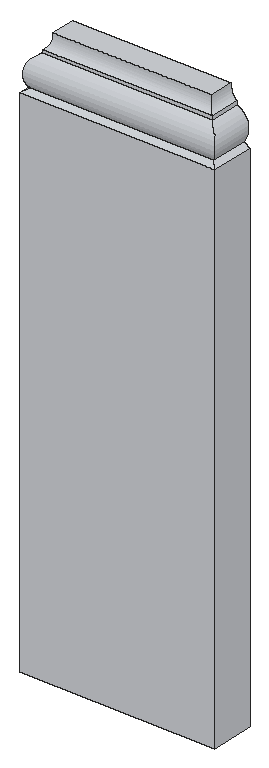
Revit family "OracDecor_K202", category Обобщенные модели, Revit 2019
Family settings
  Может служить основой для арматурных стержней = Нет
  Размер круглого соединителя = Использовать диаметр
  Тип детали = Нормальный
  На основе рабочей плоскости = Нет
  Всегда вертикально = Да
  При загрузке вырезать с полостями = Нет
  Общий = Нет
  Точка расчета площади = Нет
Parameters
  Изготовитель = "Family from POCHERTEAM"  # constant formula
  URL = "t.me/pocherteam"
Reference planes
  plane 1 "По центру (Вперед/Назад)": y = 0
  plane 2: z = 0
  plane 3 "По центру (Влево/Вправо)": x = 0
Forms (mm)
  Extrusion 1, solid
    sketch origin (0, 0, 0) x (1, 0, 0) y (0, 1, 0)
      loop
        line (0, 0) -> (0, -41) -> (185, -41) -> (185, 0) -> (0, 0)
    from 0 to 541
  Sweep 2, void
    path origin (0, 0, 541) x (1, 0, 0) y (0, 1, 0)
      loop
        line (0, 0) -> (0, -41) -> (185, -41) -> (185, 0)
    profile origin (92.5, -41, 541) x (0, 1, 0) y (0, 0, 1)
      loop
        line (0, 0) -> (0, -50) -> (5.86, -46.195)
        arc (5.86, -46.195) -> (1.796, -30.097) -> (12, -17) r 18.906
        line (12, -17) -> (12, -14)
        spline (12, -14) -> (13.005, -13.367) -> (13.911, -12.637) -> (14.717, -11.809) -> (15.424, -10.885) -> (16.031, -9.864) -> (16.539, -8.746) -> (16.948, -7.531) -> (17.257, -6.219) -> (17.467, -4.809) -> (17.577, -3.303) -> (17.588, -1.7) -> (17.5, 0)
        line (17.5, 0) -> (0, 0)
Cuts and joins
  Sweep 2 cuts Extrusion 1
Dimensions and locks
  cut or joined group of Extrusion 1, Sweep 2 to plane 1 "По центру (Вперед/Назад)" = 41 mm
  cut or joined group of Extrusion 1, Sweep 2 to plane 3 "По центру (Влево/Вправо)" = 185 mm
  cut or joined group of Extrusion 1, Sweep 2 to level = 541 mm
  aligned and locked: level to plane 2
